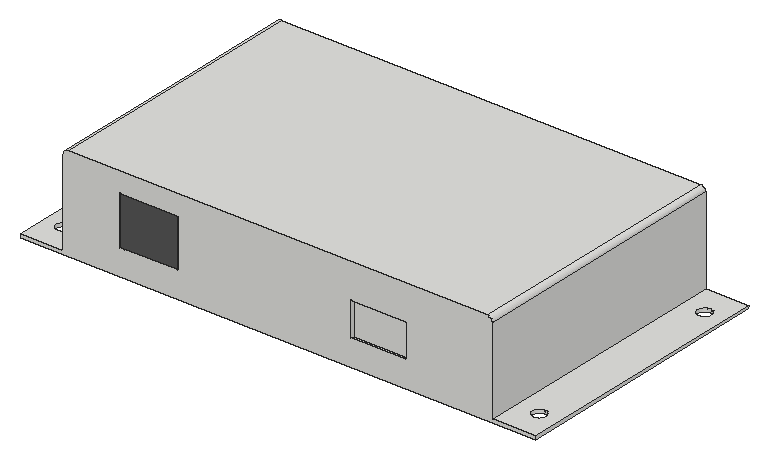
Revit family "Electronics_Monitors_Biamp_Vocia_End-Of-Line-Device_ELD-1__", category Communication Devices, host Face, Revit 2020
Family settings
  Host = Face
  Maintain Annotation Orientation = No
  Round Connector Dimension = Use Diameter
  Part Type = Normal
  OmniClass Number = 23.85.10.11.11
  OmniClass Title = Sound and Signal Devices
  Cut with Voids When Loaded = No
  Shared = No
  Room Calculation Point = No
Parameters (values of type "ELD-1")
  Width = 6.00"  # constant formula
  Weight = 0.66 lbf  # constant formula
  Voltage = 0 V
  URL = "https://www.biamp.com/"
  Temperature Range = "32 - 108° F (0 - 42° C)"  # constant formula
  System Headroom = "70/100V Input: 200V; Low-Z Input: 100V"  # constant formula
  Speaker Line Input Impedance = "70/100V Input: >100 kohm; Low-Z Input: 10 kohm"  # constant formula
  Speaker Line Input Configuration = "Balanced and Floating (transformer coupled)"  # constant formula
  Product data url = "https://www.bimobject.com/biamp/product/vocia-eld-1_monitor"
  Product Page URL = "https://www.biamp.com/products/product-families/vocia/vocia-monitors#vocia-eld-1"
  Product Documentation Link = "https://downloads.biamp.com/assets/docs/default-source/data-sheets/biamp_data_sheet_vocia_eld-1_oct18.pdf"
  Power Factor = 1
  Number of Poles = 1
  Network Connection = "RJ45 with Ethernet (CAT5, CAT5e, CAT6 or CAT7)"  # constant formula
  Model = "Vocia ELD-1"  # constant formula
  Max Power Consumption = 0 W
  Max Input Level = "Adjustable in 1dB steps over a 30dB range"  # constant formula
  Manufacturer = "Biamp"  # constant formula
  Humidity = "0-95% relative humidity (non-condensing)"  # constant formula
  Housing Material = Biamp - Metal - Silver
  Height = 1.10156"  # constant formula
  Description = "Vocia® ELD-1 End Of Line Device"  # constant formula
  Depth = 3.10156"  # constant formula
  Default Elevation = 48.00"
  Connector Description = "PoE 802.3af Class 1"  # constant formula
  Compliance = "CE marked (Europe), RoHS Directive (Europe), RINA (Italy)"  # constant formula
  Assembly Code = ""
  Apparent Load = Max Power Consumption / Power Factor  # 0 VA
  Altitude = "0-10,000 ft (0-3000m) MSL"  # constant formula
Reference planes (in)
  plane 1 "Center (Front/Back)": y = 0
  plane 2: z = 0
  plane 3 "Center (Left/Right)": x = 0
  plane 4: x = -3
  plane 5: x = 3
  plane 6: y = 1.55078
  plane 7: y = -1.55078
  plane 8: z = 1.10156
  plane 9: x = -2.5
  plane 10: x = 2.5
  plane 11: y = 1.20498
  plane 12: y = -1.20498
  plane 13: x = -2.77184
  plane 14: x = 2.77184
  plane 15: x = 2.16351
  plane 16: y = 0.78832
  plane 17: y = -0.78832
Forms (in)
  Extrusion 1, solid, material "Biamp - Metal - Silver" <- "Housing Material", detail levels medium+fine
    sketch origin (0, 0, 0) x (1, 0, 0) y (0, 0, 1)
      loop
        arc (-2.43831, 1.10156) -> (-2.48193, 1.08349) -> (-2.5, 1.03987) r 0.06169
        line (-2.5, 1.03987) -> (-2.5, 0.03565) -> (-3, 0.03565) -> (-3, 0) -> (3, 0) -> (3, 0.03565) -> (2.5, 0.03565) -> (2.5, 1.04272)
        arc (2.5, 1.04272) -> (2.48277, 1.08433) -> (2.44116, 1.10156) r 0.05884
        line (2.44116, 1.10156) -> (-2.43831, 1.10156)
    from -1.55078 to 1.55078
  Extrusion 2, void
    sketch origin (0, 0, 0) x (1, 0, 0) y (0, 0, 1)
      loop
        line (-1.83857, 0.87236) -> (-1.83857, 0.30316) -> (-1.16945, 0.30316) -> (-1.16945, 0.87236) -> (-1.83857, 0.87236)
      loop
        line (0.85431, 0.70282) -> (0.85431, 0.30316) -> (1.50375, 0.30316) -> (1.50375, 0.70282) -> (0.85431, 0.70282)
    from 1.55078 to 1.51078
  Extrusion 3, void
    sketch origin (0, 0, 0) x (1, 0, 0) y (0, 1, 0)
      loop
        line (2.16351, -0.6943) -> (1.98692, -0.6943)
        arc (1.98692, -0.6943) -> (1.63248, -0.78832) -> (1.98692, -0.88234) r 0.18969
        line (1.98692, -0.88234) -> (2.16351, -0.88234)
        arc (2.16351, -0.88234) -> (2.25753, -0.78832) -> (2.16351, -0.6943) r 0.09402
      loop
        circle (2.77184, -1.20498) r 0.08299
      loop
        circle (-2.77184, -1.20498) r 0.08299
      loop
        circle (2.77184, 1.20498) r 0.08299
      loop
        circle (-2.77184, 1.20498) r 0.08299
      loop
        arc (2.16351, 0.6943) -> (2.25753, 0.78832) -> (2.16351, 0.88234) r 0.09402
        line (2.16351, 0.88234) -> (1.98692, 0.88234)
        arc (1.98692, 0.88234) -> (1.63248, 0.78832) -> (1.98692, 0.6943) r 0.18969
        line (1.98692, 0.6943) -> (2.16351, 0.6943)
    from 0 to 0.03565
  Extrusion 4, solid, material "Biamp - Plastic - Black"
    sketch origin (0, 0, 0) x (1, 0, 0) y (0, 0, 1)
      loop
        line (-1.83857, 0.87236) -> (-1.83857, 0.30316) -> (-1.16945, 0.30316) -> (-1.16945, 0.87236) -> (-1.83857, 0.87236)
    from 1.51078 to 1.55078
  Extrusion 5, solid, material "Biamp - Metal - Silver" <- "Housing Material", detail levels coarse
    sketch origin (0, 0, 0) x (1, 0, 0) y (0, 0, 1)
      loop
        line (-3, 0) -> (3, 0) -> (3, 0.03565) -> (2.5, 0.03565) -> (2.5, 1.10156) -> (-2.5, 1.10156) -> (-2.5, 0.03565) -> (-3, 0.03565) -> (-3, 0)
    from -1.55078 to 1.55078
Cuts and joins
  Extrusion 2, Extrusion 3 cuts Extrusion 1
Lines and regions (in)
  Masking region 1
    outline origin (0, 0, 0) x (1, 0, 0) y (0, 0, 1)
      loop
        line (3, 0) -> (3, 0.03565) -> (2.5, 0.03565) -> (2.5, 1.10156) -> (-2.5, 1.10156) -> (-2.5, 0.03565) -> (-3, 0.03565) -> (-3, 0) -> (3, 0)
  Masking region 2
    outline origin (0, 0, 0) x (1, 0, 0) y (0, 1, 0)
      loop
        line (-3, 1.55078) -> (-3, -1.55078) -> (3, -1.55078) -> (3, 1.55078) -> (-3, 1.55078)
      loop
        circle (-2.77184, 1.20498) r 0.08299
      loop
        circle (2.77184, 1.20498) r 0.08299
      loop
        circle (2.77184, -1.20498) r 0.08299
      loop
        circle (-2.77184, -1.20498) r 0.08299
  symbolic lines
    curve 1: line (-2.5, 1.55078, 0) -> (-2.5, -1.55078, 0)
    curve 2: line (2.5, 1.55078, 0) -> (2.5, -1.55078, 0)
Dimensions and locks (in)
  equal spacing: plane 4, plane 3 "Center (Left/Right)", plane 5
  equal spacing: plane 6, plane 1 "Center (Front/Back)", plane 7
  "Width": plane 4 to plane 5
  "Depth": plane 6 to plane 7
  "Height": plane 8 to plane 2
  equal spacing: plane 9, plane 3 "Center (Left/Right)", plane 10
  aligned and locked: plane 2 to host face
  aligned and locked: level to host face
Automatic sketch dimensions
  host sketch curve to host sketch curve = 96.00"  (x2)
  level to Extrusion 2 sketch curve = 0.30316"  (x2)
  plane 4 to Extrusion 2 sketch curve = 1.16143"
  Extrusion 2 sketch curve to Extrusion 2 sketch curve = 0.66912"
  Extrusion 2 sketch curve to plane 8 = 0.39874"
  plane 3 "Center (Left/Right)" to Extrusion 2 sketch curve = 0.85431"
  Extrusion 2 sketch curve to Extrusion 2 sketch curve = 0.64944"
  Extrusion 2 sketch curve to plane 8 = 0.2292"
  level to Extrusion 4 sketch curve = 0.30316"
  plane 4 to Extrusion 4 sketch curve = 1.16143"
  Extrusion 4 sketch curve to Extrusion 4 sketch curve = 0.66912"
  Extrusion 4 sketch curve to plane 8 = 0.2292"
  Extrusion 3 sketch curve to Extrusion 3 sketch curve = 0.00"  (x10)
  plane 4 to Extrusion 3 sketch curve = 0.22816"  (x2)
  Extrusion 3 sketch curve to plane 5 = 1.17783"  (x2)
  Extrusion 3 sketch curve to Extrusion 3 sketch curve = 0.16475"  (x2)
  Extrusion 3 sketch curve to Extrusion 3 sketch curve = 0.17659"  (x2)
  Extrusion 3 sketch curve to plane 5 = 0.22816"  (x2)
  plane 7 to Extrusion 3 sketch curve = 0.34581"  (x2)
  plane 7 to Extrusion 3 sketch curve = 0.66844"
  Extrusion 3 sketch curve to Extrusion 3 sketch curve = 0.09402"  (x2)
  Extrusion 3 sketch curve to plane 1 "Center (Front/Back)" = 0.6943"
  Extrusion 3 sketch curve to plane 6 = 0.34581"  (x2)
  Extrusion 3 sketch curve to Extrusion 3 sketch curve = 0.08299"  (x4)
  Masking region 1 sketch curve to level = 0.00"
  Masking region 1 sketch curve to plane 4 = 0.00"
  plane 9 to Masking region 1 sketch curve = 0.00"
  Masking region 1 sketch curve to plane 8 = 0.00"
  plane 10 to Masking region 1 sketch curve = 0.00"
  Masking region 1 sketch curve to plane 5 = 0.00"
  level to Masking region 1 sketch curve = 0.03565"  (x2)
  Extrusion 5 sketch curve to plane 4 = 0.00"
  Extrusion 5 sketch curve to level = 0.00"
  Extrusion 5 sketch curve to plane 8 = 0.00"
  plane 9 to Extrusion 5 sketch curve = 0.00"
  plane 10 to Extrusion 5 sketch curve = 0.00"
  Extrusion 5 sketch curve to plane 5 = 0.00"
  level to Extrusion 5 sketch curve = 0.03565"  (x2)
  Extrusion 1 sketch curve to level = 0.00"
  Extrusion 1 sketch curve to plane 4 = 0.00"
  plane 9 to Extrusion 1 sketch curve = 0.00"
  Extrusion 1 sketch curve to plane 8 = 0.00"
  plane 10 to Extrusion 1 sketch curve = 0.00"
  Extrusion 1 sketch curve to plane 5 = 0.00"
  Extrusion 1 sketch curve to plane 9 = 0.06169"
  Extrusion 1 sketch curve to plane 8 = 0.05884"
  level to Extrusion 1 sketch curve = 0.03565"  (x2)
  Masking region 2 sketch curve to plane 4 = 0.00"
  plane 12 to Masking region 2 sketch curve = 0.00"  (x2)
  Masking region 2 sketch curve to plane 13 = 0.00"  (x2)
  Masking region 2 sketch curve to plane 11 = 0.00"  (x2)
  Masking region 2 sketch curve to plane 14 = 0.00"  (x2)
  Masking region 2 sketch curve to plane 5 = 0.00"
  Masking region 2 sketch curve to plane 7 = 0.00"
  Masking region 2 sketch curve to plane 6 = 0.00"
  curve 1 to plane 7 = 0.00"
  curve 1 to plane 9 = 0.00"
  curve 2 to plane 7 = 0.00"
  curve 2 to plane 10 = 0.00"
  curve 2 to plane 6 = 0.00"
  curve 1 to plane 6 = 0.00"
  radius of Masking region 2 sketch curve = 0.08299"  (x4)
Connectors (in)
  electrical at (1.17903, -1.51078, 0.50299)
    settings: on cut or joined group of Extrusion 1, Extrusion 2, Extrusion 3, index 2, voltage 0 V, apparent load 0 VA, apparent load phase1 0 VA, apparent load phase2 0 VA, apparent load phase3 0 VA, power factor 1, load classification "Other", number of poles 1, system type 5, power factor state 1, is connector primary yes, connector utility no, sub classification motor no, connector description "End of Speaker Line"
  electrical at (-1.50401, -1.55078, 0.58776), driven by "Number of Poles", driven by "Voltage", driven by "Apparent Load", driven by "Power Factor", driven by "Connector Description"
    settings: on cut or joined group of Extrusion 1, Extrusion 2, Extrusion 3, index 3, voltage 0 V, apparent load 0 VA, apparent load phase1 0 VA, apparent load phase2 0 VA, apparent load phase3 0 VA, power factor 1, load classification "Other", number of poles 1, system type 31, power factor state 1, is connector primary no, connector utility no, sub classification motor no, connector description "PoE 802.3af Class 1"
